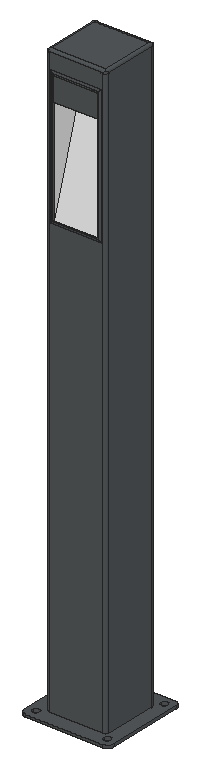
Revit family "svetilnik_alfresco_ar deko_dtu19", category Lighting Fixtures, Revit 2016 (continued)
Definition of nested family "Источник света Ар_Деко"
  Parameters (values of type "4")
      77.1     168.2\r\n     148.5     131.1     112.8      92.9      83.8      71.8      53.2      32.4\r\n      14.6       2.9       0.3       0.2       0.2       0.2       0.2       0.2\r\n       0.2       0.2       0.2       0.2       0.2       0.2       0.2       0.2\r\n       0.2       0.2       0.2       0.2       0.2       0.2       0.2       0.2\r\n       0.2       0.2       0.2       0.2       0.2       0.2       0.2       0.2\r\n       0.2       0.2       0.2       0.2       0.2       0.2       0.2       0.2\r\n       0.2       0.2       0.2       0.2       0.2       0.2       0.2       0.2\r\n       0.2       0.2       0.2       0.2       0.2       0.2       0.2       0.2\r\n       0.2       0.2       0.2       0.2       0.2       0.2       0.2       0.2\r\n       0.2       0.2       0.2       0.2       0.2       0.2       0.2       0.2\r\n       0.2       0.2       0.2       0.2       0.2       0.2       0.2       0.2\r\n       0.2       0.2       0.3       0.3       0.3       0.3       0.3       0.3\r\n       0.3       0.2       0.3       0.2       0.1       0.1       0.1       0.1\r\n       0.1       0.1       0.0       0.0       0.0\r\n       0.0       0.0       0.3       0.2       0.3       0.2       0.2       0.2\r\n       0.2       0.3       0.3       0.3       3.0      57.8     131.2     175.8\r\n     213.9     254.2     309.6     361.5     426.3     496.4     518.3     521.6\r\n     522.0     526.5     528.8     527.3     530.1     530.1     527.9     528.1\r\n     529.6     526.1     525.1     523.4     523.8     521.6     519.7     517.2\r\n     510.9     512.1     510.7     505.4     500.1     500.7     500.9     495.3\r\n     491.0     489.0     484.7     473.8     466.1     457.6     442.3     420.5\r\n     390.4     360.6     339.4     324.4     309.2     294.8     282.2     270.2\r\n     253.6     236.1     225.6     220.7     207.6     187.4     175.1     164.9\r\n     150.6     131.6     116.0      97.2      85.2      73.7      59.6      42.3\r\n      20.7       4.6       0.6       0.2       0.2       0.2       0.2       0.2\r\n       0.2       0.2       0.2       0.2       0.2       0.2       0.2       0.2\r\n       0.2       0.2       0.2       0.2       0.2       0.2       0.2       0.2\r\n       0.2       0.2       0.2       0.2       0.2       0.2       0.2       0.2\r\n       0.2       0.2       0.2       0.2       0.2       0.2       0.2       0.2\r\n       0.2       0.2       0.2       0.2       0.2       0.2       0.2       0.2\r\n       0.2       0.2       0.2       0.2       0.2       0.2       0.2       0.2\r\n       0.2       0.2       0.2       0.2       0.2       0.2       0.2       0.2\r\n       0.2       0.2       0.2       0.2       0.2       0.2       0.2       0.2\r\n       0.2       0.2       0.2       0.2       0.2       0.2       0.2       0.2\r\n       0.2       0.2       0.3       0.3       0.3       0.3       0.3       0.3\r\n       0.3       0.2       0.2       0.2       0.1       0.1       0.1       0.1\r\n       0.1       0.1       0.0       0.0       0.0\r\n       0.0       0.0       0.3       0.2       0.3       0.2       0.2       0.2\r\n       0.2       0.3       0.3       0.3       1.6      39.6     116.9     167.7\r\n     204.9     239.5     287.5     343.8     402.9     479.9     517.1     516.6\r\n     519.4     523.2     523.0     523.6     523.4     524.0     522.8     521.7\r\n     522.0     522.2     521.9     522.1     521.8     519.6     518.8     515.6\r\n     516.6     512.9     511.5     509.2     505.1     500.1     495.2     490.9\r\n     488.2     483.0     478.7     473.7     468.9     461.8     447.7     422.6\r\n     393.9     365.1     342.3     324.4     311.4     292.9     280.4     272.3\r\n     258.8     239.3     223.7     215.5     206.0     186.9     173.0     163.6\r\n     147.2     129.9     113.1      96.6      82.6      73.5      59.7      39.4\r\n      21.3       3.1       0.3       0.2       0.2       0.2       0.2       0.2\r\n       0.2       0.2       0.2       0.2       0.2       0.2       0.2       0.2\r\n       0.2       0.2       0.2       0.2       0.2       0.2       0.2       0.2\r\n       0.2       0.2       0.2       0.2       0.2       0.2       0.2       0.2\r\n       0.2       0.2       0.2       0.2       0.2       0.2       0.2       0.2\r\n       0.2       0.2       0.2       0.2       0.2       0.2       0.2       0.2\r\n       0.2       0.2       0.2       0.2       0.2       0.2       0.2       0.2\r\n       0.2       0.2       0.2       0.2       0.2       0.2       0.2       0.2\r\n       0.2       0.2       0.2       0.2       0.2       0.2       0.2       0.2\r\n       0.2       0.2       0.2       0.2       0.2       0.2       0.2       0.2\r\n       0.2       0.2       0.2       0.2       0.2       0.3       0.3       0.3\r\n       0.3       0.2       0.2       0.2       0.1       0.1       0.1       0.1\r\n       0.1       0.1       0.0       0.0       0.0\r\n       0.0       0.0       0.3       0.2       0.2       0.2       0.1       0.1\r\n       0.2       0.3       0.3       0.3       0.8      24.4      98.1     155.5\r\n     197.5     231.7     271.0     326.4     379.4     449.5     511.6     519.7\r\n     520.4     522.0     522.0     524.0     524.2     522.1     525.8     522.8\r\n     522.7     520.4     520.4     519.3     520.3     519.2     516.3     512.7\r\n     510.1     508.6     505.0     502.2     498.2     496.8     493.5     487.8\r\n     481.2     476.8     475.1     469.4     462.9     458.2     450.1     432.8\r\n     407.9     374.0     346.2     326.5     311.5     296.7     279.6     267.5\r\n     258.5     243.5     226.3     214.7     205.7     188.7     172.0     163.4\r\n     152.6     135.9     120.9     106.4      89.0      76.8      60.2      42.1\r\n      21.9       6.7       1.0       0.2       0.2       0.2       0.2       0.2\r\n       0.2       0.2       0.2       0.2       0.2       0.2       0.2       0.2\r\n       0.2       0.2       0.2       0.2       0.2       0.2       0.2       0.2\r\n       0.2       0.2       0.2       0.2       0.2       0.2       0.2       0.2\r\n       0.2       0.2       0.2       0.2       0.2       0.2       0.2       0.2\r\n       0.2       0.2       0.2       0.2       0.2       0.2       0.2       0.2\r\n       0.2       0.2       0.2       0.2       0.2       0.2       0.2       0.2\r\n       0.2       0.2       0.2       0.2       0.2       0.2       0.2       0.2\r\n       0.2       0.2       0.2       0.2       0.2       0.2       0.2       0.2\r\n       0.2       0.2       0.2       0.2       0.2       0.2       0.2       0.2\r\n       0.2       0.2       0.2       0.2       0.2       0.3       0.3       0.3\r\n       0.3       0.2       0.2       0.2       0.1       0.1       0.1       0.1\r\n       0.1       0.1       0.0       0.0       0.0\r\n       0.0       0.0       0.3       0.2       0.2       0.1       0.1       0.1\r\n       0.2       0.3       0.3       0.3       0.4      12.8      75.6     139.3\r\n     184.5     221.9     257.5     307.2     359.1     425.9     491.7     520.2\r\n     521.2     519.3     520.9     520.9     520.0     518.8     518.9     518.1\r\n     516.0     516.9     513.6     512.2     510.0     509.2     508.0     507.5\r\n     504.7     502.8     498.6     498.8     493.5     488.2     485.7     479.7\r\n     479.5     474.0     467.7     459.3     455.2     448.4     441.6     427.0\r\n     409.5     386.2     359.5     333.6     313.4     297.2     277.5     262.9\r\n     256.2     242.3     223.5     210.3     200.2     187.1     172.0     159.0\r\n     149.0     135.2     114.9      99.9      81.8      73.6      61.0      45.9\r\n      25.8       9.6       0.6       0.2       0.2       0.2       0.2       0.2\r\n       0.2       0.2       0.2       0.2       0.2       0.2       0.2       0.2\r\n       0.2       0.2       0.2       0.2       0.2       0.2       0.2       0.2\r\n       0.2       0.2       0.2       0.2       0.2       0.2       0.2       0.2\r\n       0.2       0.2       0.2       0.2       0.2       0.2       0.2       0.2\r\n       0.2       0.2       0.2       0.2       0.2       0.2       0.2       0.2\r\n       0.2       0.2       0.2       0.2       0.2       0.2       0.2       0.2\r\n       0.2       0.2       0.2       0.2       0.2       0.2       0.2       0.2\r\n       0.2       0.2       0.2       0.2       0.2       0.2       0.2       0.2\r\n       0.2       0.2       0.2       0.2       0.2       0.2       0.2       0.2\r\n       0.2       0.2       0.2       0.2       0.2       0.3       0.3       0.3\r\n       0.3       0.2       0.2       0.2       0.1       0.1       0.1       0.1\r\n       0.1       0.1       0.0       0.0       0.0\r\n       0.0       0.0       0.3       0.2       0.2       0.1       0.1       0.1\r\n       0.2       0.3       0.3       0.3       0.3       5.2      51.5     120.8\r\n     166.9     206.4     243.7     285.3     335.3     390.7     465.9     512.5\r\n     520.0     518.1     517.4     517.9     519.2     516.1     513.0     513.7\r\n     513.5     513.6     511.7     508.8     502.8     504.8     501.6     501.9\r\n     500.6     495.0     488.6     485.0     484.3     484.3     476.8     474.7\r\n     473.9     467.6     462.5     459.8     451.6     444.8     439.7     429.0\r\n     413.1     391.0     362.7     336.9     316.9     300.0     284.3     268.8\r\n     253.6     240.8     222.8     207.8     198.8     189.8     173.2     158.0\r\n     149.7     138.9     121.7     104.0      85.7      73.0      63.0      46.5\r\n      28.9      10.6       1.5       0.2       0.2       0.2       0.2       0.2\r\n       0.2       0.2       0.2       0.2       0.2       0.2       0.2       0.2\r\n       0.2       0.2       0.2       0.2       0.2       0.2       0.2       0.2\r\n       0.2       0.2       0.2       0.2       0.2       0.2       0.2       0.2\r\n       0.2       0.2       0.2       0.2       0.2       0.2       0.2       0.2\r\n       0.2       0.2       0.2       0.2       0.2       0.2       0.2       0.2\r\n       0.2       0.2       0.2       0.2       0.2       0.2       0.2       0.2\r\n       0.2       0.2       0.2       0.2       0.2       0.2       0.2       0.2\r\n       0.2       0.2       0.2       0.2       0.2       0.2       0.2       0.2\r\n       0.2       0.2       0.2       0.2       0.2       0.2       0.2       0.2\r\n       0.2       0.2       0.2       0.2       0.2       0.2       0.3       0.3\r\n       0.3       0.2       0.2       0.2       0.1       0.1       0.1       0.1\r\n       0.1       0.1       0.0       0.0       0.0\r\n       0.0       0.0       0.3       0.2       0.2       0.1       0.1       0.1\r\n       0.2       0.3       0.3       0.3       0.2       2.0      29.2      96.4\r\n     148.8     190.1     226.0     262.2     306.3     356.1     424.8     486.5\r\n     515.6     514.6     514.5     510.8     510.1     512.6     511.6     508.2\r\n     507.1     506.4     505.1     503.3     503.2     497.2     497.1     493.3\r\n     491.6     490.2     489.0     486.3     480.9     476.9     475.0     470.7\r\n     463.8     460.1     452.6     450.4     447.5     444.0     437.7     429.1\r\n     416.0     397.4     374.0     344.9     324.5     305.6     288.9     266.9\r\n     255.9     243.2     231.3     214.4     201.9     192.3     177.4     160.8\r\n     147.2     133.6     120.7     102.5      87.6      71.5      61.0      50.6\r\n      33.3      15.1       2.6       0.2       0.2       0.2       0.2       0.2\r\n       0.2       0.2       0.2       0.2       0.2       0.2       0.2       0.2\r\n       0.2       0.2       0.2       0.2       0.2       0.2       0.2       0.2\r\n       0.2       0.2       0.2       0.2       0.2       0.2       0.2       0.2\r\n       0.2       0.2       0.2       0.2       0.2       0.2       0.2       0.2\r\n       0.2       0.2       0.2       0.2       0.2       0.2       0.2       0.2\r\n       0.2       0.2       0.2       0.2       0.2       0.2       0.2       0.2\r\n       0.2       0.2       0.2       0.2       0.2       0.2       0.2       0.2\r\n       0.2       0.2       0.2       0.2       0.2       0.2       0.2       0.2\r\n       0.2       0.2       0.2       0.2       0.2       0.2       0.2       0.2\r\n       0.2       0.2       0.2       0.2       0.2       0.2       0.2       0.3\r\n       0.3       0.2       0.2       0.2       0.1       0.1       0.1       0.1\r\n       0.1       0.1       0.0       0.0       0.0\r\n       0.0       0.0       0.3       0.2       0.2       0.1       0.1       0.1\r\n       0.2       0.3       0.3       0.2       0.2       0.8      12.2      68.4\r\n     127.8     171.5     207.5     241.0     280.9     323.6     377.4     445.8\r\n     499.9     511.4     513.9     510.9     509.2     507.1     508.8     505.4\r\n     503.2     501.3     500.9     501.3     497.2     495.2     489.0     487.4\r\n     482.5     479.5     479.6     476.7     473.8     469.8     465.6     465.3\r\n     460.3     452.3     448.6     439.3     433.5     426.9     420.0     416.8\r\n     410.0     399.0     377.6     351.9     324.1     297.9     286.6     272.5\r\n     253.2     238.1     228.5     211.1     194.4     184.3     174.8     160.3\r\n     146.1     134.7     123.8     104.8      91.5      73.2      63.4      49.4\r\n      35.9      16.1       3.6       0.3       0.2       0.2       0.2       0.2\r\n       0.2       0.2       0.2       0.2       0.2       0.2       0.2       0.2\r\n       0.2       0.2       0.2       0.2       0.2       0.2       0.2       0.2\r\n       0.2       0.2       0.2       0.2       0.2       0.2       0.2       0.2\r\n       0.2       0.2       0.2       0.2       0.2       0.2       0.2       0.2\r\n       0.2       0.2       0.2       0.2       0.2       0.2       0.2       0.2\r\n       0.2       0.2       0.2       0.2       0.2       0.2       0.2       0.2\r\n       0.2       0.2       0.2       0.2       0.2       0.2       0.2       0.2\r\n       0.2       0.2       0.2       0.2       0.2       0.2       0.2       0.2\r\n       0.2       0.2       0.2       0.2       0.2       0.2       0.2       0.2\r\n       0.2       0.2       0.2       0.2       0.2       0.2       0.2       0.3\r\n       0.3       0.2       0.2       0.2       0.1       0.1       0.1       0.1\r\n       0.1       0.1       0.0       0.0       0.0\r\n       0.0       0.0       0.3       0.2       0.2       0.1       0.1       0.1\r\n       0.2       0.3       0.3       0.2       0.2       0.3       3.5      41.9\r\n      99.2     149.7     186.9     222.5     255.2     293.4     338.2     394.3\r\n     458.3     500.9     504.8     507.9     505.3     506.1     502.2     501.3\r\n     500.2     496.1     492.9     490.6     490.4     484.3     484.9     482.2\r\n     477.7     476.7     471.1     466.6     467.5     464.6     460.3     449.2\r\n     447.5     446.3     437.9     434.1     429.6     426.5     420.9     411.6\r\n     406.0     396.4     382.7     363.1     334.8     306.9     283.8     269.9\r\n     252.8     239.7     226.7     215.5     198.0     182.7     172.3     159.6\r\n     145.2     134.4     122.3     106.7      89.6      75.0      62.9      53.5\r\n      40.2      22.5       4.4       0.7       0.2       0.2       0.2       0.2\r\n       0.2       0.2       0.2       0.2       0.2       0.2       0.2       0.2\r\n       0.2       0.2       0.2       0.2       0.2       0.2       0.2       0.2\r\n       0.2       0.2       0.2       0.2       0.2       0.2       0.2       0.2\r\n       0.2       0.2       0.2       0.2       0.2       0.2       0.2       0.2\r\n       0.2       0.2       0.2       0.2       0.2       0.2       0.2       0.2\r\n       0.2       0.2       0.2       0.2       0.2       0.2       0.2       0.2\r\n       0.2       0.2       0.2       0.2       0.2       0.2       0.2       0.2\r\n       0.2       0.2       0.2       0.2       0.2       0.2       0.2       0.2\r\n       0.2       0.2       0.2       0.2       0.2       0.2       0.2       0.2\r\n       0.2       0.2       0.2       0.2       0.2       0.2       0.2       0.2\r\n       0.3       0.2       0.2       0.2       0.1       0.1       0.1       0.1\r\n       0.1       0.1       0.0       0.0       0.0\r\n       0.0       0
      .0       0.3       0.2       0.2       0.1       0.1       0.1\r\n       0.2       0.3       0.3       0.2       0.2       0.2       0.9      18.6\r\n      64.3     124.3     163.7     200.8     230.4     264.2     300.1     344.6\r\n     398.3     457.3     476.3     480.9     480.4     479.9     480.4     480.0\r\n     476.7     473.6     471.9     468.2     468.4     467.0     463.8     462.0\r\n     462.5     459.5     455.3     452.7     446.4     443.4     441.4     438.4\r\n     433.6     429.2     429.6     424.7     415.7     409.0     404.3     399.5\r\n     392.6     385.3     377.4     362.8     340.2     311.1     282.3     265.5\r\n     251.1     233.7     220.5     209.4     194.9     179.6     165.0     155.1\r\n     139.2     124.2     116.9     104.3      88.7      75.3      57.4      49.3\r\n      36.6      23.3       7.2       1.0       0.2       0.2       0.2       0.2\r\n       0.2       0.2       0.2       0.2       0.2       0.2       0.2       0.2\r\n       0.2       0.2       0.2       0.2       0.2       0.2       0.2       0.2\r\n       0.2       0.2       0.2       0.2       0.2       0.2       0.2       0.2\r\n       0.2       0.2       0.2       0.2       0.2       0.2       0.2       0.2\r\n       0.2       0.2       0.2       0.2       0.2       0.2       0.2       0.2\r\n       0.2       0.2       0.2       0.2       0.2       0.2       0.2       0.2\r\n       0.2       0.2       0.2       0.2       0.2       0.2       0.2       0.2\r\n       0.2       0.2       0.2       0.2       0.2       0.2       0.2       0.2\r\n       0.2       0.2       0.2       0.2       0.2       0.2       0.2       0.2\r\n       0.2       0.2       0.2       0.2       0.2       0.2       0.2       0.2\r\n       0.2       0.2       0.2       0.2       0.1       0.1       0.1       0.1\r\n       0.1       0.1       0.0       0.0       0.0\r\n       0.0       0.0       0.3       0.2       0.2       0.1       0.1       0.1\r\n       0.2       0.3       0.3       0.2       0.2       0.2       0.3       5.4\r\n      33.1      93.3     140.0     176.2     209.2     234.4     260.1     292.9\r\n     329.4     376.3     418.5     437.1     441.8     440.5     437.0     436.4\r\n     441.4     439.0     435.4     434.5     430.6     432.0     430.7     426.2\r\n     422.5     418.1     415.6     412.6     411.2     408.5     404.8     404.8\r\n     401.0     395.1     388.3     381.7     380.5     374.6     367.3     361.6\r\n     357.3     350.0     344.4     336.3     321.7     300.2     271.0     246.0\r\n     228.8     213.1     195.7     179.8     171.8     156.6     144.2     134.2\r\n     124.3     110.5      98.4      88.7      73.7      62.3      51.2      43.1\r\n      33.0      20.4       9.4       1.3       0.2       0.2       0.2       0.2\r\n       0.2       0.2       0.2       0.2       0.2       0.2       0.2       0.2\r\n       0.2       0.2       0.2       0.2       0.2       0.2       0.2       0.2\r\n       0.2       0.2       0.2       0.2       0.2       0.2       0.2       0.2\r\n       0.2       0.2       0.2       0.2       0.2       0.2       0.2       0.2\r\n       0.2       0.2       0.2       0.2       0.2       0.2       0.2       0.2\r\n       0.2       0.2       0.2       0.2       0.2       0.2       0.2       0.2\r\n       0.2       0.2       0.2       0.2       0.2       0.2       0.2       0.2\r\n       0.2       0.2       0.2       0.2       0.2       0.2       0.2       0.2\r\n       0.2       0.2       0.2       0.2       0.2       0.2       0.2       0.2\r\n       0.2       0.2       0.2       0.2       0.2       0.2       0.2       0.2\r\n       0.2       0.2       0.2       0.2       0.1       0.1       0.1       0.1\r\n       0.1       0.1       0.0       0.0       0.0\r\n       0.0       0.0       0.3       0.1       0.2       0.1       0.1       0.1\r\n       0.2       0.3       0.3       0.2       0.2       0.2       0.2       1.3\r\n      12.0      53.9     107.3     150.6     180.5     203.1     224.9     248.8\r\n     275.1     306.4     340.6     381.8     390.2     392.9     394.5     395.5\r\n     393.8     393.6     394.3     394.4     393.4     392.3     391.2     387.8\r\n     388.4     385.5     383.4     381.0     374.7     371.7     367.0     359.5\r\n     357.2     354.1     348.3     344.5     340.7     337.6     332.3     324.6\r\n     316.3     311.1     305.4     298.2     292.2     279.6     256.2     229.9\r\n     206.2     190.8     177.5     160.0     147.7     139.1     124.7     111.5\r\n     103.3      92.9      82.5      75.1      67.1      55.7      44.8      35.5\r\n      29.8      19.2       8.9       1.0       0.2       0.2       0.2       0.2\r\n       0.2       0.2       0.2       0.2       0.2       0.2       0.2       0.2\r\n       0.2       0.2       0.2       0.2       0.2       0.2       0.2       0.2\r\n       0.2       0.2       0.2       0.2       0.2       0.2       0.2       0.2\r\n       0.2       0.2       0.2       0.2       0.2       0.2       0.2       0.2\r\n       0.2       0.2       0.2       0.2       0.2       0.2       0.2       0.2\r\n       0.2       0.2       0.2       0.2       0.2       0.2       0.2       0.2\r\n       0.2       0.2       0.2       0.2       0.2       0.2       0.2       0.2\r\n       0.2       0.2       0.2       0.2       0.2       0.2       0.2       0.2\r\n       0.2       0.2       0.2       0.2       0.2       0.2       0.2       0.2\r\n       0.2       0.2       0.2       0.2       0.2       0.2       0.2       0.2\r\n       0.2       0.2       0.2       0.2       0.1       0.1       0.1       0.1\r\n       0.1       0.1       0.0       0.0       0.0\r\n       0.0       0.0       0.2       0.1       0.2       0.1       0.1       0.1\r\n       0.2       0.3       0.3       0.2       0.2       0.2       0.2       0.4\r\n       2.7      21.8      61.9     119.1     150.9     174.8     199.0     218.7\r\n     241.6     271.2     298.0     327.0     345.1     357.2     361.2     359.9\r\n     356.8     359.4     360.9     359.2     356.4     356.5     352.2     352.7\r\n     351.6     346.7     345.3     343.2     341.4     336.0     331.6     330.5\r\n     326.7     323.6     319.4     314.3     310.3     305.0     300.7     295.0\r\n     291.4     286.2     281.7     277.5     270.7     263.2     252.3     230.9\r\n     203.4     178.5     162.6     150.4     135.9     125.5     116.1     103.9\r\n      92.8      86.4      75.7      66.0      60.1      50.5      41.5      31.8\r\n      25.5      17.4       7.2       0.5       0.2       0.2       0.2       0.2\r\n       0.2       0.2       0.2       0.2       0.2       0.2       0.2       0.2\r\n       0.2       0.2       0.2       0.2       0.2       0.2       0.2       0.2\r\n       0.2       0.2       0.2       0.2       0.2       0.2       0.2       0.2\r\n       0.2       0.2       0.2       0.2       0.2       0.2       0.2       0.2\r\n       0.2       0.2       0.2       0.2       0.2       0.2       0.2       0.2\r\n       0.2       0.2       0.2       0.2       0.2       0.2       0.2       0.2\r\n       0.2       0.2       0.2       0.2       0.2       0.2       0.2       0.2\r\n       0.2       0.2       0.2       0.2       0.2       0.2       0.2       0.2\r\n       0.2       0.2       0.2       0.2       0.2       0.2       0.2       0.2\r\n       0.2       0.2       0.2       0.2       0.2       0.2       0.2       0.2\r\n       0.2       0.2       0.2       0.2       0.1       0.1       0.1       0.1\r\n       0.1       0.1       0.0       0.0       0.0\r\n       0.0       0.0       0.2       0.1       0.2       0.1       0.1       0.1\r\n       0.2       0.3       0.3       0.2       0.2       0.2       0.2       0.3\r\n       0.5       6.2      24.7      71.4     113.4     143.0     167.0     188.5\r\n     207.8     232.7     253.2     275.6     290.2     320.6     327.5     326.3\r\n     325.1     322.7     323.3     324.1     323.8     323.4     322.2     318.9\r\n     316.5     317.5     312.1     311.0     309.5     304.9     302.4     299.0\r\n     296.6     293.9     290.8     287.1     282.3     276.4     271.9     269.6\r\n     263.5     258.6     253.0     246.6     240.9     234.2     227.4     217.1\r\n     201.3     176.6     153.0     136.8     125.6     114.7     105.7      97.7\r\n      86.7      77.5      71.8      61.8      52.9      46.9      37.6      28.6\r\n      20.8      15.3       7.9       1.4       0.4       0.2       0.2       0.2\r\n       0.2       0.2       0.2       0.2       0.2       0.2       0.2       0.2\r\n       0.2       0.2       0.2       0.2       0.2       0.2       0.2       0.2\r\n       0.2       0.2       0.2       0.2       0.2       0.2       0.2       0.2\r\n       0.2       0.2       0.2       0.2       0.2       0.2       0.2       0.2\r\n       0.2       0.2       0.2       0.2       0.2       0.2       0.2       0.2\r\n       0.2       0.2       0.2       0.2       0.2       0.2       0.2       0.2\r\n       0.2       0.2       0.2       0.2       0.2       0.2       0.2       0.2\r\n       0.2       0.2       0.2       0.2       0.2       0.2       0.2       0.2\r\n       0.2       0.2       0.2       0.2       0.2       0.2       0.2       0.2\r\n       0.2       0.2       0.2       0.2       0.2       0.2       0.2       0.2\r\n       0.2       0.2       0.2       0.2       0.1       0.1       0.1       0.1\r\n       0.1       0.1       0.0       0.0       0.0\r\n       0.0       0.0       0.2       0.1       0.2       0.1       0.1       0.1\r\n       0.2       0.3       0.3       0.2       0.2       0.2       0.2       0.2\r\n       0.2       1.3       6.2      26.9      64.2      98.8     124.6     146.8\r\n     170.4     192.0     209.9     231.7     246.4     259.3     281.1     297.6\r\n     302.1     301.5     298.3     295.5     294.6     292.8     290.9     290.0\r\n     287.7     283.3     279.6     276.1     276.7     275.4     271.3     269.6\r\n     264.1     261.3     259.9     255.9     252.6     249.4     244.6     240.2\r\n     235.0     230.4     225.5     221.3     216.0     210.4     205.2     199.0\r\n     191.3     175.7     154.8     131.1     115.9     104.6      94.9      86.8\r\n      79.3      69.7      62.4      55.3      46.8      40.2      33.5      24.4\r\n      17.7      14.5       8.8       2.3       0.3       0.2       0.2       0.2\r\n       0.2       0.2       0.2       0.2       0.2       0.2       0.2       0.2\r\n       0.2       0.2       0.2       0.2       0.2       0.2       0.2       0.2\r\n       0.2       0.2       0.2       0.2       0.2       0.2       0.2       0.2\r\n       0.2       0.2       0.2       0.2       0.2       0.2       0.2       0.2\r\n       0.2       0.2       0.2       0.2       0.2       0.2       0.2       0.2\r\n       0.2       0.2       0.2       0.2       0.2       0.2       0.2       0.2\r\n       0.2       0.2       0.2       0.2       0.2       0.2       0.2       0.2\r\n       0.2       0.2       0.2       0.2       0.2       0.2       0.2       0.2\r\n       0.2       0.2       0.2       0.2       0.2       0.2       0.2       0.2\r\n       0.2       0.2       0.2       0.2       0.2       0.2       0.2       0.2\r\n       0.2       0.2       0.2       0.2       0.1       0.1       0.1       0.1\r\n       0.1       0.1       0.0       0.0       0.0\r\n       0.0       0.0       0.2       0.1       0.2       0.1       0.1       0.1\r\n       0.2       0.3       0.3       0.2       0.2       0.2       0.2       0.2\r\n       0.2       0.3       0.9       6.2      25.3      53.4      78.7     101.5\r\n     120.8     139.0     154.0     166.3     184.3     202.3     219.1     242.6\r\n     265.5     266.8     266.7     267.6     265.1     260.7     259.5     257.2\r\n     252.9     251.9     249.1     245.6     241.0     240.2     237.0     234.2\r\n     230.4     225.9     223.1     220.8     216.6     215.2     210.2     208.4\r\n     205.5     200.8     197.1     192.1     187.8     183.4     179.6     174.4\r\n     169.8     164.0     153.8     138.1     118.9     104.0      93.9      83.3\r\n      74.7      67.5      58.4      51.9      44.6      37.6      31.8      26.1\r\n      20.1      15.2      10.8       5.7       1.1       0.2       0.2       0.2\r\n       0.2       0.2       0.2       0.2       0.2       0.2       0.2       0.2\r\n       0.2       0.2       0.2       0.2       0.2       0.2       0.2       0.2\r\n       0.2       0.2       0.2       0.2       0.2       0.2       0.2       0.2\r\n       0.2       0.2       0.2       0.2       0.2       0.2       0.2       0.2\r\n       0.2       0.2       0.2       0.2       0.2       0.2       0.2       0.2\r\n       0.2       0.2       0.2       0.2       0.2       0.2       0.2       0.2\r\n       0.2       0.2       0.2       0.2       0.2       0.2       0.2       0.2\r\n       0.2       0.2       0.2       0.2       0.2       0.2       0.2       0.2\r\n       0.2       0.2       0.2       0.2       0.2       0.2       0.2       0.2\r\n       0.2       0.2       0.2       0.2       0.2       0.2       0.2       0.2\r\n       0.2       0.2       0.2       0.2       0.1       0.1       0.1       0.1\r\n       0.1       0.1       0.0       0.0       0.0\r\n       0.0       0.0       0.2       0.1       0.2       0.1       0.1       0.1\r\n       0.2       0.3       0.3       0.2       0.2       0.2       0.2       0.2\r\n       0.2       0.2       0.3       1.0       5.7      15.4      33.4      55.7\r\n      76.1      91.4     101.3     110.0     123.4     134.0     147.0     167.2\r\n     182.8     210.0     224.3     230.4     232.1     230.1     226.7     223.2\r\n     222.4     220.5     218.8     215.4     212.3     208.9     205.1     200.5\r\n     198.6     196.2     191.3     188.5     185.6     181.3     178.8     173.3\r\n     168.5     165.9     162.4     157.7     154.8     152.3     147.2     143.0\r\n     138.7     133.4     127.8     119.8     107.4      94.1      82.9      75.2\r\n      66.0      59.5      53.5      45.8      41.6      34.8      30.1      24.8\r\n      19.5      14.1      10.1       5.6       1.6       0.2       0.2       0.2\r\n       0.2       0.2       0.2       0.2       0.2       0.2       0.2       0.2\r\n       0.2       0.2       0.2       0.2       0.2       0.2       0.2       0.2\r\n       0.2       0.2       0.2       0.2       0.2       0.2       0.2       0.2\r\n       0.2       0.2       0.2       0.2       0.2       0.2       0.2       0.2\r\n       0.2       0.2       0.2       0.2       0.2       0.2       0.2       0.2\r\n       0.2       0.2       0.2       0.2       0.2       0.2       0.2       0.2\r\n       0.2       0.2       0.2       0.2       0.2       0.2       0.2       0.2\r\n       0.2       0.2       0.2       0.2       0.2       0.2       0.2       0.2\r\n       0.2       0.2       0.2       0.2       0.2       0.2       0.2       0.2\r\n       0.2       0.2       0.2       0.2       0.2       0.2       0.2       0.2\r\n       0.2       0.1       0.2       0.2       0.1       0.1       0.1       0.1\r\n       0.1       0.1       0.0       0.0       0.0\r\n       0.0       0.0       0.2       0.1       0.1       0.1       0.1       0.1\r\n       0.2       0.3       0.2       0.2       0.2       0.2       0.2       0.2\r\n       0.2       0.2       0.2       0.3       0.7       1.9       8.6      20.7\r\n      38.2      53.6      69.1      78.4      89.4      99.3     108.2     124.7\r\n     139.2     150.6     170.2     187.4     196.5     201.1     201.3     202.0\r\n     198.9     196.5     193.8     190.7     189.6     186.4     184.1     182.6\r\n     179.8     175.9     173.3     170.4     166.8     164.8     162.5     159.8\r\n     157.0     152.6     148.6     145.2     140.9     137.2     133.5     129.4\r\n     125.3     120.6     115.8     111.9     107.1      97.6      86.5      75.2\r\n      67.2      60.0      53.7      48.2      41.8      36.3      31.4      25.8\r\n      21.4      16.1      11.7       8.2       3.2       0.6       0.2       0.2\r\n       0.2       0.2       0.2       0.2       0.2       0.2       0.2       0.2\r\n       0.2       0.2       0.2       0.2       0.2       0.2       0.2       0.2\r\n       0.2       0.2       0.2       0.2       0.2       0.2       0.2       0.2\r\n       0.2       0.2  
